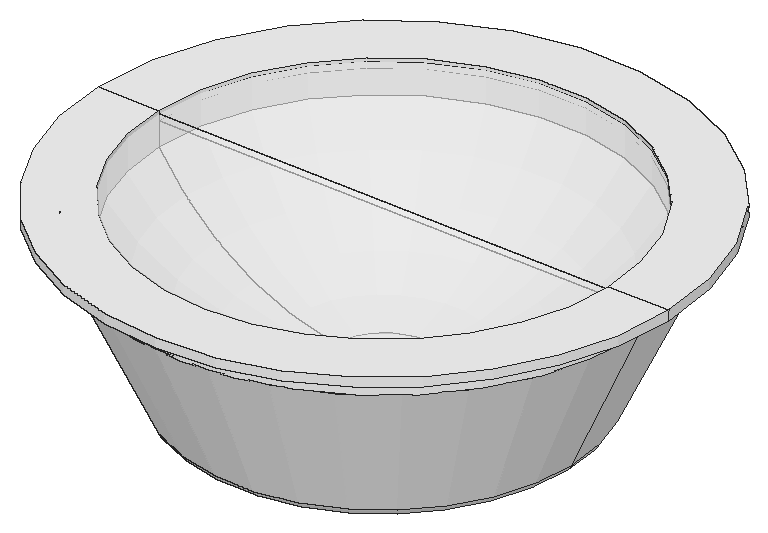
Revit family "0030438", category Lighting Fixtures, host Face, Revit 2017
Family settings
  Host = Face
  Round Connector Dimension = Use Diameter
  Part Type = Normal
  OmniClass Number = 23.80.70.00
  OmniClass Title = Lighting
  Cut with Voids When Loaded = No
  Light Source = Yes
  Shared = No
  Room Calculation Point = No
Parameters (values of type "0030438 INSAVER SLIM UGR19 175 IP44 1275LM 930")
  WidthBezel_SYL = if(Size1_SYL, 20 mm, if(Size2_SYL, 20 mm, if(Size3PIR_SYL, 30 mm, if(Size4_SYL, 20 mm, 20 mm))))  # 20 mm
  Weight = "8.8 kg"
  Wattage Comments = ""
  Wattage = 13 W
  WarrantyStartDate [instance] = "n/a"
  WarrantyGuarantorParts = "n/a"
  WarrantyDurationUnit = "n/a"
  WarrantyDurationParts = "n/a"
  WarrantyDescription = "n/a"
  built-in parameter 1150110 = 1 (stored number, unit not read)
  Voltage = 0 V
  VisibilityPIR_SYL = Size3PIR_SYL  # no
  URL = "http://www.sylvania-lighting.com"
  TypeName = "Insaver Slim UGR19 175 IP44 1275lm 930"
  Type Image = <None>
  Type Comments = "n/a"
  built-in parameter 1114217 = 1 (stored number, unit not read)
  Tilt Angle = -90.00°
  built-in parameter 1150109 = 1 (stored number, unit not read)
  built-in parameter 1150134 = (empty or 0)
  built-in parameter 1150113 = 1 (stored number, unit not read)
  Size4_SYL = no
  Size3PIR_SYL = no
  Size2_SYL = yes
  Size1_SYL = no
  SerialNumber [instance] = "n/a"
  RadiusTop_SYL = 6 mm
  RadiusReflector_SYL = if(Size1_SYL, 85 mm, if(Size2_SYL, 85 mm, if(Size3PIR_SYL, 85 mm, if(Size4_SYL, 100 mm, 120 mm))))  # 85 mm
  Photometric Web File = "0030438.ies"
  Material_3_FEILO = Top-Sylvania-STARTDownlight
  PowerFactor = 0.9
  PowerConsumption = "13 W"
  NominalLength = 195 mm
  NominalHeight = 60 mm
  NominalDepth = 195 mm
  Name = "Insaver Slim UGR19 175 IP44 1275lm 930"
  ModelReference = Name  # "Insaver Slim UGR19 175 IP44 1275lm 930"
  ModelNumber = "0030438"
  Model = Name  # "Insaver Slim UGR19 175 IP44 1275lm 930"
  Material = "aluminium housing"
  ManufacturerName = "Feilo Sylvania"
  Manufacturer = "Feilo Sylvania"
  LuminousEfficacy = "98 lm/W"
  built-in parameter 1150105 = 1105.7 (stored number, unit not read)
  Lumens = 1274 lm
  LuminaireType = ""
  built-in parameter 1150115 = 1 (stored number, unit not read)
  LightOutputRatio = "n/a"
  built-in parameter 1150137 = (empty or 0)
  built-in parameter 1150139 = (empty or 0)
  LampsType = Lamp  # "LED"
  LampNominalLuminous = "1275 lm"
  LampMacAdamStep = "3"
  LampColourTemperature = "3000 K"
  LampColourRenderingIndex = "90"
  built-in parameter 1150112 = 1 (stored number, unit not read)
  built-in parameter 1150114 = 1 (stored number, unit not read)
  Lamp = "LED"
  Keynote = "16500"
  InstallationDate [instance] = "n/a"
  InputVoltage = "n/a"
  InputNominalFrequency = "n/a"
  built-in parameter 1150132 = (empty or 0)
  built-in parameter 1150102 = (empty or 0)
  built-in parameter 1150107 = 3000 (stored number, unit not read)
  built-in parameter 1150138 = (empty or 0)
  IngressProtection = "IP44/20"
  ImpactProtectionIndex = "IK07"
  built-in parameter 1150106 = 11.057 (stored number, unit not read)
  IfcExportType = "IfcLightFixtureType"
  IfcExportAs = "IfcLightFixtureType"
  Height_SYL = if(Size1_SYL, 61 mm, if(Size2_SYL, 61 mm, if(Size3PIR_SYL, 61 mm, if(Size4_SYL, 61 mm, 60 mm))))  # 61 mm
  HeightBezel_SYL = if(Size1_SYL, 3 mm, if(Size2_SYL, 3 mm, if(Size3PIR_SYL, 3 mm, if(Size4_SYL, 3.2 mm, 3 mm))))  # 3 mm
  ExpectedLife = 50000
  Emit from Circle Diameter = Diameter_SYL - 40 mm  # 150 mm
  Emit Shape Visible in Rendering = no
  ElectricShockClassification = "Class II"
  built-in parameter 1150104 = 9.1045 (stored number, unit not read)
  DurationUnit = "hours"
  DocumentationLiterature = "http://www.sylvania-lighting.com/product/en-int/products/0030438"
  DimmingControlOptions = "n/a"
  Material_2_FEILO = Diffuser-Sylvania-STARTDownlight
  Dimming Lamp Color Temperature Shift = <None>
  Diameter_SYL = if(Size1_SYL, 165 mm, if(Size2_SYL, 190 mm, if(Size3PIR_SYL, 211 mm, if(Size4_SYL, 220 mm, 240 mm))))  # 190 mm
  DiameterTop_SYL = if(Size1_SYL, 98 mm, if(Size2_SYL, 122 mm, if(Size3PIR_SYL, 120 mm, if(Size4_SYL, 135 mm, 158 mm))))  # 122 mm
  DiameterTopBase_SYL = DiameterRecess_SYL  # 170 mm
  DiameterRecess_SYL = if(Size1_SYL, 150 mm, if(Size2_SYL, 170 mm, if(Size3PIR_SYL, 186 mm, if(Size4_SYL, 200 mm, 225 mm))))  # 170 mm
  Description = ""
  Default Elevation = 1219.2 mm
  CreatedOn = "11/19/2020"
  CreatedBy = "@sylvania-lighting.com"
  Cost = 0
  Color Filter = 16777215
  built-in parameter 1114216 [instance] = (empty or 0)
  ClassificationValue = "EF_70_80"
  ClassificationName = "Uniclass2015"
  Material_1_FEILO = Trim-Sylvania-STARTDownlight-White
  BarCode [instance] = "n/a"
  built-in parameter 1114218 = 1 (stored number, unit not read)
  built-in parameter 1150133 = 10 (stored number, unit not read)
  AssetType = "Fixed"
  AssetIdentifier [instance] = "n/a"
  Assembly Code = "D5020200"
  Apparent Load = 13 VA
  Material_4_FEILO = LED-Sylvania-STARTDownlight
Reference planes
  plane 1 "Center (Front/Back)": y = 0
  plane 2: z = 0
  plane 3 "Center (Left/Right)": x = 0
  plane 4: x = 95
  plane 5: x = -95
  plane 6: z = 3
  plane 7: z = -8
  plane 8: z = -58
  plane 9: x = -85
  plane 10: x = 85
  plane 11: x = -61
  plane 12: x = 61
  plane 13: z = -85
  plane 14: x = -75
  plane 15: z = 2
  plane 16: z = -46
  plane 17: x = -16
  plane 18: x = -80
  plane 19: x = -81.5
  plane 20: x = -99.5
  plane 21: x = -89
  plane 22: z = 5.5
  plane 23: z = 8.7
  plane 24: x = -88
  plane 25: z = 13.7
Forms (mm)
  Revolve 1, void
    sketch origin (0, 0, 0) x (1, 0, 0) y (0, 0, 1)
      loop
        line (0, 0) -> (-85, 0) -> (-85, -85) -> (0, -85) -> (0, 0)
      axis (0, 0) -> (0, -85)
    angle from 360 to 0
  Revolve 2, solid, material "Trim-Sylvania-STARTDownlight-White" <- "Material_1_FEILO"
    sketch origin (0, 0, 0) x (1, 0, 0) y (0, 0, 1)
      loop
        line (-75, 3) -> (-95, 3) -> (-95, 0) -> (-85, 0) -> (-85, -8) -> (-62.681, -54.768)
        arc (-62.681, -54.768) -> (-60.471, -57.129) -> (-57.357, -58) r 6
        line (-57.357, -58) -> (0, -58) -> (0, -46) -> (-16, -46)
        arc (-16, -46) -> (-49.605, -33.373) -> (-75, -8) r 85
        line (-75, -8) -> (-75, 3)
      axis (0, 3) -> (0, -58)
    angle from 360 to 0
  Revolve 3, solid, material "Diffuser-Sylvania-STARTDownlight" <- "Material_2_FEILO"
    sketch origin (0, 0, 0) x (1, 0, 0) y (0, 0, 1)
      loop
        line (-75, 0) -> (0, 0) -> (0, 2) -> (-75, 2) -> (-75, 0)
      axis (0, 2) -> (0, 0)
    angle from 360 to 0
  Revolve 4, solid, material "Trim-Sylvania-STARTDownlight-White" <- "Material_1_FEILO", visible <- "VisibilityPIR_SYL"
    sketch origin (0, 0, 0) x (1, 0, 0) y (0, 0, 1)
      loop
        line (-80, 3) -> (-80, 13.7)
        arc (-80, 13.7) -> (-84.717, 12.347) -> (-88, 8.7) r 8.9
        line (-88, 8.7) -> (-88, 5.5) -> (-89, 5.5) -> (-89, 3) -> (-80, 3)
      axis (-80, 13.7) -> (-80, 3)
    angle from 360 to 0
Dimensions and locks
  equal spacing: plane 4, plane 3 "Center (Left/Right)", plane 5
  "Diameter_SYL": plane 4 to plane 5
  equal spacing: plane 10, plane 3 "Center (Left/Right)", plane 9
  equal spacing: plane 12, plane 3 "Center (Left/Right)", plane 11
  "DiameterTop_SYL": plane 12 to plane 11
  "HeightBezel_SYL": plane 6 to plane 2
  "Height_SYL": plane 6 to plane 8
  locked: plane 2 to plane 7 at 8
  locked: plane 2 to plane 13 at 85
  "WidthBezel_SYL": plane 14 to plane 5
  locked: plane 6 to plane 15 at 1
  "DiameterRecess_SYL": plane 10 to plane 9
  locked: plane 3 "Center (Left/Right)" to plane 17 at 16
  locked: plane 16 to plane 8 at 12
  locked: plane 18 to plane 21 at 9
  locked: plane 22 to plane 6 at 2.5
  locked: plane 23 to plane 22 at 3.2
  locked: plane 18 to plane 24 at 8
  locked: plane 25 to plane 23 at 5
  locked: plane 25 to Revolve 4 sketch curve at 8.9
  locked: plane 18 to plane 5 at 15
  "RadiusReflector_SYL": radius of Revolve 2 sketch curve
  "RadiusTop_SYL": radius of Revolve 2 sketch curve
  aligned and locked: plane 2 to host face
  aligned and locked: level to host face
  aligned and locked: Revolve 1 sketch curve to plane 3 "Center (Left/Right)"
  aligned and locked: plane 3 "Center (Left/Right)" to Revolve 1 sketch curve
  aligned and locked: Revolve 1 sketch curve to plane 9
  aligned and locked: plane 13 to Revolve 1 sketch curve
  aligned and locked: plane 3 "Center (Left/Right)" to imposter light
  aligned and locked: imposter light to plane 15
  aligned and locked: imposter light to plane 1 "Center (Front/Back)"
  aligned and locked: Revolve 2 sketch curve to plane 3 "Center (Left/Right)"
  aligned and locked: Revolve 2 sketch curve to plane 6
  aligned and locked: Revolve 2 sketch curve to plane 5
  aligned and locked: Revolve 2 sketch curve to level
  aligned and locked: plane 7 to Revolve 2 sketch curve  (x2)
  aligned and locked: Revolve 2 sketch curve to plane 9
  aligned and locked: plane 8 to Revolve 2 sketch curve
  aligned and locked: Revolve 2 sketch curve to plane 14
  aligned and locked: plane 3 "Center (Left/Right)" to Revolve 2 sketch curve
  aligned and locked: Revolve 2 sketch curve to plane 16
  aligned and locked: Revolve 3 sketch curve to plane 3 "Center (Left/Right)"
  aligned and locked: Revolve 3 sketch curve to level
  aligned and locked: imposter light to Revolve 3 sketch curve  (x2)
  aligned and locked: Revolve 4 sketch curve to plane 18  (x2)
  aligned and locked: Revolve 4 sketch curve to plane 6
  aligned and locked: plane 22 to Revolve 4 sketch curve
  aligned and locked: plane 24 to Revolve 4 sketch curve
  aligned and locked: Revolve 4 sketch curve to Revolve 4 sketch curve
  aligned and locked: plane 21 to Revolve 4 sketch curve
Automatic sketch dimensions
  host sketch curve to host sketch curve = 2438.4 mm  (x2)
  plane 13 to Revolve 1 sketch curve = 524.6 mm
  Revolve 1 sketch curve to plane 6 = 2606.058 mm
  Revolve 1 sketch curve to level = 0 mm
  Revolve 2 sketch curve to plane 17 = 0 mm
  Revolve 2 sketch curve to plane 11 = 1.681 mm
  plane 11 to Revolve 2 sketch curve = 3.643 mm
  plane 13 to Revolve 2 sketch curve = 524.6 mm
  Revolve 2 sketch curve to Revolve 2 sketch curve = 2577.983 mm
  Revolve 3 sketch curve to plane 14 = 0 mm
  plane 13 to Revolve 3 sketch curve = 524.6 mm
  Revolve 3 sketch curve to plane 6 = 2606.058 mm
  Revolve 4 sketch curve to plane 23 = 0 mm
  plane 13 to Revolve 4 sketch curve = 524.6 mm
  Revolve 4 sketch curve to Revolve 4 sketch curve = 2595.358 mm
Connectors
  electrical at (0, 0, 0), driven by "Apparent Load", driven by "PowerFactor", driven by "Voltage"
    settings: index 1, voltage 0 V, apparent load 13 VA, apparent load phase1 0 VA, apparent load phase2 0 VA, apparent load phase3 0 VA, power factor 0.9, load classification "Lighting", number of poles 1, system type 30, power factor state 1, is connector primary yes, connector utility no, sub classification motor no, connector description ""
